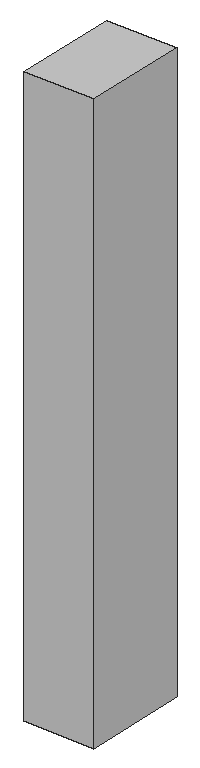
Revit family
Parameters (values of type "300 x 450")
  b = 300 mm
  h = 450 mm
  기둥 재료 [instance] = 콘크리트 - 현장타설 콘크리트
Types (4, lengths in mm): name | b | h
  (no name) | 300 | 450
  300 x 450 | 300 | 450
  450 x 600 | 450 | 600
  600 x 750 | 600 | 750
Reference planes
  plane 1 "중심(앞/뒤)": y = 0
  plane 2: z = 0
  plane 3 "중심(왼쪽/오른쪽)": x = 0
  plane 4: x = -150
  plane 5: x = 150
  plane 6: y = 225
  plane 7: y = -225
Forms (mm)
  Extrusion 1, solid, material "콘크리트 - 현장타설 콘크리트" <- "기둥 재료"
    sketch origin (0, 0, 0) x (1, 0, 0) y (0, 1, 0)
      loop
        line (-150, 225) -> (-150, -225) -> (150, -225) -> (150, 225) -> (-150, 225)
    from 0 to 2500
Dimensions and locks
  equal spacing: plane 4, plane 3 "중심(왼쪽/오른쪽)", plane 5
  equal spacing: plane 7, plane 1 "중심(앞/뒤)", plane 6
  "h": plane 7 to plane 6
  "b": plane 4 to plane 5
  aligned and locked: plane 6 to Extrusion 1 sketch curve
  aligned and locked: Extrusion 1 sketch curve to plane 7
  aligned and locked: Extrusion 1 sketch curve to plane 4
  aligned and locked: plane 5 to Extrusion 1 sketch curve
  aligned and locked: level to Extrusion 1
  aligned and locked: level to plane 2
  aligned and locked: Extrusion 1 to plane 2
